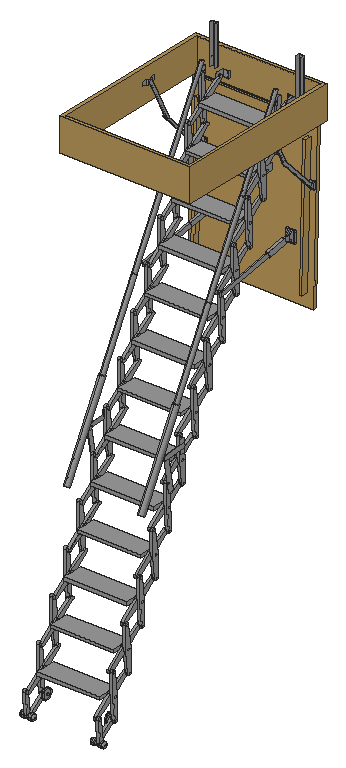
Revit family "schaartrap_XL-H 1000x1300mm", category Generic Models, Revit 2019 (continued)
Forms (mm)
  Extrusion 38, solid, material "gietaluminium" <- "schaartrap"
    sketch origin (63.5, 32.475, 185.117) x (0, 0.990268, 0.139173) y (0, -0.139173, 0.990268)
      loop
        line (2109.99, 2277.81) -> (2080.09, 2248.015) -> (2078.593, 2246.276)
        arc (2078.593, 2246.276) -> (2075.75, 2238.857) -> (2077.094, 2231.027) r 15
        line (2077.094, 2231.027) -> (2095.001, 2192.803) -> (2109.99, 2277.81)
      loop
        circle (2090.678, 2237.39) r 4
    from 238 to 246
  Extrusion 39, solid, material "gietaluminium" <- "schaartrap"
    sketch origin (40.5, 65.815, 199.844) x (0, 0.990268, 0.139173) y (0, -0.139173, 0.990268)
      loop
        line (2074.925, 2267.866) -> (2045.025, 2238.071) -> (2043.528, 2236.332)
        arc (2043.528, 2236.332) -> (2040.685, 2228.913) -> (2042.029, 2221.083) r 15
        line (2042.029, 2221.083) -> (2059.936, 2182.859) -> (2074.925, 2267.866)
      loop
        circle (2055.613, 2227.446) r 4
    from 238 to 246
  Extrusion 40, solid, material "gietaluminium" <- "schaartrap"
    sketch origin (692.5, -43.97, 0) x (0, 1, 0) y (0, 0, -1)
      loop
        circle (63.97, -20) r 20
    from 446 to 466
  Sweep 41, solid, material "gietaluminium" <- "schaartrap"
    path origin (226.5, -43.97, 0) x (0, 1, 0) y (0, 0, -1)
      loop
        circle (63.97, -20) r 20
    profile origin (226.5, 20, 40) x (0, 0, 1) y (-1, 0, 0)
      loop
        line (-7.976, 0) -> (0, 0)
        arc (0, 0) -> (-2.238, 6.396) -> (-7.976, 10) r 10.257
        line (-7.976, 10) -> (-7.976, 0)
  Extrusion 42, solid, material "gietaluminium" <- "schaartrap"
    sketch origin (-159.5, -43.97, 0) x (0, 1, 0) y (0, 0, 1)
      loop
        circle (63.97, 20) r 20
    from 446 to 466
  Sweep 43, solid, material "gietaluminium" <- "schaartrap"
    path origin (306.5, -43.97, 0) x (0, 1, 0) y (0, 0, 1)
      loop
        circle (63.97, 20) r 20
    profile origin (306.5, 20, 40) x (0, 0, -1) y (1, 0, 0)
      loop
        line (7.976, 0) -> (7.976, 10)
        arc (7.976, 10) -> (2.238, 6.396) -> (0, 0) r 10.257
        line (0, 0) -> (7.976, 0)
  Extrusion 44, solid, material "gietaluminium" <- "schaartrap"
    sketch origin (63.5, -1421.409, -482.845) x (0, 1, 0) y (0, 0, 1)
      loop
        circle (1569.254, 768.276) r 21
      loop
        circle (1697.099, 1033.868) r 21
      loop
        circle (1824.944, 1299.459) r 21
      loop
        circle (1952.789, 1565.05) r 21
      loop
        circle (2080.634, 1830.641) r 21
      loop
        circle (2208.479, 2096.232) r 21
      loop
        circle (2336.324, 2361.823) r 21
      loop
        circle (2464.169, 2627.414) r 21
      loop
        circle (2592.013, 2893.005) r 21
      loop
        circle (2719.858, 3158.596) r 21
      loop
        circle (2847.703, 3424.187) r 21
      loop
        circle (2975.548, 3689.778) r 21
      loop
        circle (3103.393, 3955.37) r 21
    from 183 to 180
  Extrusion 45, solid, material "gietaluminium" <- "schaartrap"
    sketch origin (-126.5, -51.438, -30.149) x (0, 1, 0) y (0, 0, 1)
      loop
        arc (185.562, 115.163) -> (248.061, 135.606) -> (206.965, 186.941) r 40
        arc (206.965, 186.941) -> (171.397, 158.467) -> (185.562, 115.163) r 40
      loop
        arc (188.409, 116.796) -> (245.147, 136.334) -> (208.724, 184.023) r 37
        arc (208.724, 184.023) -> (174.311, 157.739) -> (188.409, 116.796) r 37
    from 359 to 370
  Extrusion 46, solid, material "gietaluminium" <- "schaartrap"
    sketch origin (63.5, -51.438, -30.149) x (0, 1, 0) y (0, 0, 1)
      loop
        arc (208.724, 184.023) -> (174.311, 157.739) -> (188.409, 116.796) r 37
        arc (188.409, 116.796) -> (245.147, 136.334) -> (208.724, 184.023) r 37
    from 173 to 176.5
  Extrusion 47, solid, material "gietaluminium" <- "schaartrap"
    sketch origin (581.5, -51.438, -30.149) x (0, 1, 0) y (0, 0, -1)
      loop
        circle (209.729, -147.037) r 5
    from 359 to 335
  Extrusion 48, solid, material "gietaluminium" <- "schaartrap"
    sketch origin (-119.5, -1875.073, -482.845) x (0, 1, 0) y (0, 0, 1)
      loop
        circle (1884.626, 671.311) r 5.018
      loop
        circle (2033.364, 599.733) r 5
      loop
        circle (2022.918, 768.309) r 5.018
      loop
        circle (2161.209, 865.306) r 5.018
      loop
        circle (2012.471, 936.902) r 5.018
      loop
        circle (2150.763, 1033.9) r 5.018
      loop
        circle (2289.054, 1130.897) r 5.018
      loop
        circle (2140.316, 1202.494) r 5.018
      loop
        circle (2278.608, 1299.491) r 5.018
      loop
        circle (2416.899, 1396.488) r 5.018
      loop
        circle (2268.161, 1468.085) r 5.018
      loop
        circle (2406.453, 1565.082) r 5.018
      loop
        circle (2544.744, 1662.079) r 5.018
      loop
        circle (2396.006, 1733.676) r 5.018
      loop
        circle (2534.298, 1830.673) r 5.018
      loop
        circle (2672.589, 1927.67) r 5.018
      loop
        circle (2662.143, 2096.264) r 5.018
      loop
        circle (2523.851, 1999.267) r 5.018
      loop
        circle (2800.434, 2193.261) r 5.018
      loop
        circle (2651.696, 2264.858) r 5.018
      loop
        circle (2789.987, 2361.855) r 5.018
      loop
        circle (2928.279, 2458.852) r 5.018
      loop
        circle (2779.541, 2530.449) r 5.018
      loop
        circle (2917.832, 2627.446) r 5.018
      loop
        circle (3056.124, 2724.444) r 5.018
      loop
        circle (2907.386, 2796.04) r 5.018
      loop
        circle (3045.677, 2893.037) r 5.018
      loop
        circle (3183.969, 2990.035) r 5.018
      loop
        circle (3035.231, 3061.631) r 5.217
      loop
        circle (3173.522, 3158.628) r 5.018
      loop
        circle (3311.814, 3255.626) r 5.018
      loop
        circle (3163.076, 3327.222) r 5.018
      loop
        circle (3301.367, 3424.22) r 5.018
      loop
        circle (3439.659, 3521.217) r 5.018
      loop
        circle (3290.921, 3592.813) r 5.018
      loop
        circle (3429.212, 3689.811) r 5.018
      loop
        circle (3567.504, 3786.808) r 5.018
      loop
        circle (3557.057, 3955.402) r 5.018
      loop
        circle (3418.766, 3858.405) r 5.018
      loop
        circle (3546.61, 4123.996) r 5.018
    from 406 to 411
  Extrusion 49, solid, material "gietaluminium" <- "schaartrap"
    sketch origin (160.5, -1117.547, 1046.952) x (0, -0.968541, 0.248852) y (0, 0.248852, 0.968541)
      loop
        line (-1805.858, 3156.737) -> (-2037.112, 2886.503)
        arc (-2037.112, 2886.503) -> (-2031.552, 2876.404) -> (-2020.047, 2875.683) r 11.968
        line (-2020.047, 2875.683) -> (-1790.663, 3143.733)
        arc (-1790.663, 3143.733) -> (-1791.758, 3157.833) -> (-1805.858, 3156.737) r 10
    from -290 to -286
  Extrusion 50, solid, material "gietaluminium" <- "schaartrap"
    sketch origin (-47.5, 582.189, 120) x (1, 0, 0) y (0, 1, 0)
      loop
        line (-174, 1074.122) -> (-223, 1074.122) -> (-223, 1000.712) -> (-219, 1000.712) -> (-219, 1070.122) -> (-174, 1070.122) -> (-174, 1074.122)
    from 3070.001 to 3120.001
  Extrusion 51, void
    sketch origin (-63.5, 582.189, 120) x (1, 0, 0) y (0, 0, 1)
      loop
        circle (-167.264, 3109) r 5
      loop
        circle (-167.264, 3080.25) r 5
    from -1074.122 to -1070.122
  Extrusion 52, solid, material "gietaluminium" <- "schaartrap"
    sketch origin (-63.5, 566.635, 0) x (0, 1, 0) y (0, 0, 1)
      loop
        circle (1038.295, 3213.3) r 5.05
    from -207 to -212
  Extrusion 53, solid, material "gietaluminium" <- "schaartrap"
    sketch origin (47.5, 582.189, 120) x (-1, 0, 0) y (0, -1, 0)
      loop
        line (-174, -1074.122) -> (-174, -1070.122) -> (-219, -1070.122) -> (-219, -1000.712) -> (-223, -1000.712) -> (-223, -1074.122) -> (-174, -1074.122)
    from 3070.001 to 3120.001
  Extrusion 54, void
    sketch origin (63.5, 582.189, 120) x (-1, 0, 0) y (0, 0, -1)
      loop
        circle (-167.264, -3109) r 5
      loop
        circle (-167.264, -3080.25) r 5
    from -1076.122 to -1062.398
  Extrusion 55, solid, material "gietaluminium" <- "schaartrap"
    sketch origin (63.5, 566.635, 0) x (0, 1, 0) y (0, 0, -1)
      loop
        circle (1038.295, -3213.3) r 5.05
    from -207 to -212
  Sweep 56, solid, material "gietaluminium" <- "schaartrap"
    path origin (280.36, -209.043, 42.928) x (0, 1, 0.000122) y (0, -0.000122, 1)
      loop
        line (615.449, 1357.25) -> (948.391, 1965.031)
    profile origin (280.36, 572.675, 1704.164) x (0, -0.877088, 0.48033) y (1, 0, 0)
      loop
        circle (0, 0) r 20
  Sweep 57, solid, material "gietaluminium" <- "schaartrap"
    path origin (280.36, 10.637, 591.583) x (0, 1, 0.000122) y (0, -0.000122, 1)
      loop
        line (728.645, 1416.403) -> (1033.533, 1972.972)
    profile origin (280.36, 891.52, 2286.378) x (0, -0.877088, 0.48033) y (1, 0, 0)
      loop
        circle (0, 0) r 17.5
  Sweep 58, solid, material "gietaluminium" <- "schaartrap"
    path origin (280.36, 198.399, 1060.523) x (0, 1, 0.000122) y (0, -0.000122, 1)
      loop
        line (845.714, 1504.055) -> (1164.864, 2086.658)
    profile origin (280.36, 1203.47, 2856.002) x (0, -0.877088, 0.48033) y (1, 0, 0)
      loop
        circle (0, 0) r 15
  Sweep 59, solid, material "gietaluminium" <- "schaartrap"
    path origin (280.36, 411.168, 1480.491) x (0, 1, 0.000122) y (0, -0.000122, 1)
      loop
        line (952.045, 1666.716) -> (1271.94, 2250.68)
    profile origin (280.36, 1522.922, 3439.324) x (0, -0.877088, 0.48033) y (1, 0, 0)
      loop
        circle (0, 0) r 12.5
  Extrusion 60, solid, material "gietaluminium" <- "schaartrap"
    sketch origin (63.5, -462.985, 150.089) x (0, 0.976566, -0.215219) y (0, 0.215219, 0.976566)
      loop
        line (715.262, 1747.503) -> (816.017, 1509.84)
        arc (816.017, 1509.84) -> (831.782, 1511.06) -> (843.661, 1521.495) r 25
        line (843.661, 1521.495) -> (742.83, 1759.336)
        arc (742.83, 1759.336) -> (727.074, 1758.014) -> (715.262, 1747.503) r 25
    from 228 to 223
  Extrusion 61, solid, material "gietaluminium" <- "schaartrap"
    sketch origin (63.5, -463.357, 158.576) x (0, 0.976566, -0.21522) y (0, 0.21522, 0.976566)
      loop
        line (887.607, 1800.299) -> (718.694, 1751.946)
        arc (718.694, 1751.946) -> (718.958, 1736.419) -> (726.95, 1723.104) r 30
        line (726.95, 1723.104) -> (895.557, 1771.37)
        arc (895.557, 1771.37) -> (895.458, 1786.899) -> (887.607, 1800.299) r 30
    from 228 to 233
  Extrusion 62, solid, material "gietaluminium" <- "schaartrap"
    sketch origin (63.5, -452.917, 151.286) x (0, 0.976566, -0.21522) y (0, 0.21522, 0.976566)
      loop
        arc (868.684, 1736.869) -> (884.211, 1737.133) -> (897.525, 1745.125) r 30
        line (897.525, 1745.125) -> (870.841, 1838.343)
        arc (870.841, 1838.343) -> (855.314, 1838.079) -> (842, 1830.087) r 30
        line (842, 1830.087) -> (868.684, 1736.869)
    from 223 to 228
  Extrusion 63, solid, material "gietaluminium" <- "schaartrap"
    sketch origin (63.5, 1219.064, 2121.879) x (0, 0.998202, -0.059933) y (0, 0.059933, 0.998202)
      loop
        line (401.833, 1585.776) -> (360.606, 1602.289) -> (349.452, 1574.44) -> (391.253, 1557.697)
        arc (391.253, 1557.697) -> (401.224, 1569.973) -> (401.833, 1585.776) r 25
      loop
        circle (390.713, 1572.948) r 5.05
    from 218 to 223
  Sweep 64, solid, material "gietaluminium" <- "schaartrap"
    path origin (-280.36, 209.043, 42.928) x (0, -1, 0.000122) y (0, 0.000122, 1)
      loop
        line (-197.032, 1357.349) -> (-529.827, 1965.211)
    profile origin (-280.36, 572.675, 1704.164) x (0, 0.877088, -0.48033) y (-1, 0, 0)
      loop
        circle (0, 0) r 20
  Sweep 65, solid, material "gietaluminium" <- "schaartrap"
    path origin (-280.36, -10.637, 591.583) x (0, -1, 0.000122) y (0, 0.000122, 1)
      loop
        line (-749.574, 1416.584) -> (-1054.327, 1973.227)
    profile origin (-280.36, 891.52, 2286.378) x (0, 0.877088, -0.48033) y (-1, 0, 0)
      loop
        circle (0, 0) r 17.5
  Sweep 66, solid, material "gietaluminium" <- "schaartrap"
    path origin (-280.36, -198.399, 1060.523) x (0, -1, 0.000122) y (0, 0.000122, 1)
      loop
        line (-1242.146, 1504.309) -> (-1561.155, 2086.99)
    profile origin (-280.36, 1203.47, 2856.002) x (0, 0.877088, -0.48033) y (-1, 0, 0)
      loop
        circle (0, 0) r 15
  Sweep 67, solid, material "gietaluminium" <- "schaartrap"
    path origin (-280.36, -411.168, 1480.491) x (0, -1, 0.000122) y (0, 0.000122, 1)
      loop
        line (-1773.974, 1667.048) -> (-2093.727, 2251.09)
    profile origin (-280.36, 1522.922, 3439.324) x (0, 0.877088, -0.48033) y (-1, 0, 0)
      loop
        circle (0, 0) r 12.5
  Extrusion 68, solid, material "gietaluminium" <- "schaartrap"
    sketch origin (-63.5, 462.985, 150.089) x (0, -0.976566, -0.215219) y (0, -0.215219, 0.976566)
      loop
        arc (-479.296, 1484.242) -> (-494.432, 1488.814) -> (-509.284, 1483.39) r 25
        line (-509.284, 1483.39) -> (-500.797, 1225.198)
        arc (-500.797, 1225.198) -> (-485.632, 1220.723) -> (-470.815, 1226.242) r 25
        line (-470.815, 1226.242) -> (-479.296, 1484.242)
    from 228 to 223
  Extrusion 69, solid, material "gietaluminium" <- "schaartrap"
    sketch origin (-63.5, 463.357, 158.576) x (0, -0.976566, -0.21522) y (0, -0.21522, 0.976566)
      loop
        arc (-657.144, 1459.859) -> (-658.635, 1444.401) -> (-652.197, 1430.268) r 30
        line (-652.197, 1430.268) -> (-478.921, 1457.349)
        arc (-478.921, 1457.349) -> (-477.266, 1472.79) -> (-483.553, 1486.989) r 30
        line (-483.553, 1486.989) -> (-657.144, 1459.859)
    from 228 to 233
  Extrusion 70, solid, material "gietaluminium" <- "schaartrap"
    sketch origin (-63.5, 452.917, 151.286) x (0, -0.976566, -0.21522) y (0, -0.21522, 0.976566)
      loop
        line (-633.703, 1405.766) -> (-648.675, 1501.565)
        arc (-648.675, 1501.565) -> (-664.116, 1503.219) -> (-678.315, 1496.932) r 30
        line (-678.315, 1496.932) -> (-663.343, 1401.134)
        arc (-663.343, 1401.134) -> (-647.902, 1399.479) -> (-633.703, 1405.766) r 30
    from 223 to 228
  Extrusion 71, solid, material "gietaluminium" <- "schaartrap"
    sketch origin (-63.5, -1219.064, 2121.879) x (0, -0.998202, -0.059933) y (0, -0.059933, 0.998202)
      loop
        arc (-3022.432, 1380.179) -> (-3019.936, 1364.562) -> (-3008.568, 1353.567) r 25
        line (-3008.568, 1353.567) -> (-2969.071, 1375.191) -> (-2983.477, 1401.506) -> (-3022.432, 1380.179)
      loop
        circle (-3009.857, 1368.773) r 5.05
    from 218 to 223
  Extrusion 72, solid, material "gietaluminium" <- "schaartrap"
    sketch origin (58.5, 250.724, 4414.642) x (0, -0.229041, -0.973417) y (0, 0.973417, -0.229041)
      loop
        line (595.515, 1624.36) -> (384.632, 1598.748)
        arc (384.632, 1598.748) -> (382.451, 1583.373) -> (388.249, 1568.967) r 30
        line (388.249, 1568.967) -> (601.725, 1594.894)
        arc (601.725, 1594.894) -> (602.585, 1610.462) -> (595.515, 1624.36) r 30
      loop
        circle (393.476, 1585.295) r 5.05
    from 228 to 233
  Extrusion 73, solid, material "gietaluminium" <- "schaartrap", not visible
    sketch origin (-5, 9.183, 4914.345) x (0, -0.17029, -0.985394) y (0, 0.985394, -0.17029)
      loop
        line (595.515, 1624.36) -> (384.632, 1598.748)
        arc (384.632, 1598.748) -> (382.451, 1583.373) -> (388.249, 1568.967) r 30
        line (388.249, 1568.967) -> (601.725, 1594.894)
        arc (601.725, 1594.894) -> (602.585, 1610.462) -> (595.515, 1624.36) r 30
      loop
        circle (393.476, 1585.295) r 5.05
    from 228 to 233
  Extrusion 74, solid, material "gietaluminium" <- "schaartrap"
    sketch origin (-58.5, -250.724, 4414.642) x (0, 0.229041, -0.973417) y (0, -0.973417, -0.229041)
      loop
        arc (1372.197, -1676.506) -> (1372.328, -1660.914) -> (1364.616, -1647.363) r 30
        line (1364.616, -1647.363) -> (1161.977, -1719.346)
        arc (1161.977, -1719.346) -> (1163.211, -1734.826) -> (1172.02, -1747.615) r 30
        line (1172.02, -1747.615) -> (1372.197, -1676.506)
      loop
        circle (1173.937, -1731.631) r 5.05
    from 228 to 233
  Extrusion 75, solid, material "gietaluminium" <- "schaartrap"
    sketch origin (-692.5, -43.97, 0) x (0, 1, 0) y (0, 0, 1)
      loop
        circle (63.97, 20) r 20
    from 446 to 466
  Sweep 76, solid, material "gietaluminium" <- "schaartrap"
    path origin (-226.5, -43.97, 0) x (0, 1, 0) y (0, 0, 1)
      loop
        circle (63.97, 20) r 20
    profile origin (-226.5, 20, 40) x (0, 0, -1) y (1, 0, 0)
      loop
        line (7.976, 0) -> (7.976, 10)
        arc (7.976, 10) -> (2.238, 6.396) -> (0, 0) r 10.257
        line (0, 0) -> (7.976, 0)
  Extrusion 77, solid, material "gietaluminium" <- "schaartrap"
    sketch origin (159.5, -43.97, 0) x (0, 1, 0) y (0, 0, -1)
      loop
        circle (63.97, -20) r 20
    from 446 to 466
  Sweep 78, solid, material "gietaluminium" <- "schaartrap"
    path origin (-306.5, -43.97, 0) x (0, 1, 0) y (0, 0, -1)
      loop
        circle (63.97, -20) r 20
    profile origin (-306.5, 20, 40) x (0, 0, 1) y (-1, 0, 0)
      loop
        line (-7.976, 0) -> (0, 0)
        arc (0, 0) -> (-2.238, 6.396) -> (-7.976, 10) r 10.257
        line (-7.976, 10) -> (-7.976, 0)
  Extrusion 79, solid, material "gietaluminium" <- "schaartrap"
    sketch origin (-63.5, 1421.409, -482.845) x (0, -1, 0) y (0, 0, 1)
      loop
        circle (1273.564, 768.309) r 5.018
      loop
        circle (1145.719, 1033.9) r 5.018
      loop
        circle (1017.874, 1299.491) r 5.018
      loop
        circle (890.029, 1565.082) r 5.018
      loop
        circle (762.184, 1830.673) r 5.018
      loop
        circle (634.339, 2096.264) r 5.018
      loop
        circle (506.495, 2361.855) r 5.018
      loop
        circle (378.65, 2627.446) r 5.018
      loop
        circle (250.805, 2893.037) r 5.018
      loop
        circle (122.96, 3158.628) r 5.018
      loop
        circle (-4.885, 3424.22) r 5.018
      loop
        circle (-132.73, 3689.811) r 5.018
      loop
        circle (-260.575, 3955.402) r 5.018
    from 180 to 176.5
  Extrusion 80, solid, material "gietaluminium" <- "schaartrap", not visible
    sketch origin (183, 0, 0) x (0, 1, 0) y (0, 0, 1)
      loop
        circle (1273.564, 768.309) r 5.018
      loop
        circle (1145.719, 1033.9) r 5.018
      loop
        circle (1017.874, 1299.491) r 5.018
      loop
        circle (890.029, 1565.082) r 5.018
      loop
        circle (762.184, 1830.673) r 5.018
      loop
        circle (634.339, 2096.264) r 5.018
      loop
        circle (506.495, 2361.855) r 5.018
      loop
        circle (378.65, 2627.446) r 5.018
      loop
        circle (250.805, 2893.037) r 5.018
      loop
        circle (122.96, 3158.628) r 5.018
      loop
        circle (-4.885, 3424.22) r 5.018
      loop
        circle (-132.73, 3689.811) r 5.018
      loop
        circle (-260.575, 3955.402) r 5.018
    from 180 to 176.5
  Extrusion 81, solid, material "gietaluminium" <- "schaartrap"
    sketch origin (63.5, -1421.409, -482.845) x (0, 1, 0) y (0, 0, 1)
      loop
        circle (1569.254, 768.309) r 5.018
      loop
        circle (1697.099, 1033.9) r 5.018
      loop
        circle (1824.944, 1299.491) r 5.018
      loop
        circle (1952.789, 1565.082) r 5.018
      loop
        circle (2080.634, 1830.673) r 5.018
      loop
        circle (2208.479, 2096.264) r 5.018
      loop
        circle (2336.324, 2361.855) r 5.018
      loop
        circle (2464.169, 2627.446) r 5.018
      loop
        circle (2592.013, 2893.037) r 5.018
      loop
        circle (2719.858, 3158.628) r 5.018
      loop
        circle (2847.703, 3424.22) r 5.018
      loop
        circle (2975.548, 3689.811) r 5.018
      loop
        circle (3103.393, 3955.402) r 5.018
    from 180 to 176.5
  Sweep 82, solid, material "hout" <- "deksel"
    path origin (0, 215.481, 3750.004) x (0, 1, 0) y (-1, 0, 0)
      loop
        line (1680.311, 493.5) -> (390.311, 493.5) -> (390.311, -493.5) -> (1680.311, -493.5) -> (1680.311, 493.5)
    profile origin (0, 1895.792, 3750.004) x (0, 1, 0) y (0, 0, 1)
      loop
        line (0, 0) -> (-24, 0) -> (-24, -250.003) -> (0, -250.003) -> (0, 0)
  Extrusion 83, void
    sketch origin (0, 807.711, 466.385) x (0, 1, 0) y (0, 0, 1)
      loop
        circle (1012.7, 3103.203) r 5.05
    from -270.5 to 270.5
  Extrusion 84, void
    sketch origin (0, 797.67, 326.288) x (0, 1, 0) y (0, 0, 1)
      loop
        line (1022.741, 3270.001) -> (994.712, 3270.001) -> (994.712, 3220.001) -> (1022.741, 3220.001)
        arc (1022.741, 3220.001) -> (997.741, 3245.001) -> (1022.741, 3270.001) r 25
    from -270.5 to 270.5
  Extrusion 85, void
    sketch origin (-598.5, 807.079, 438.417) x (0, 1, 0) y (0, 0, -1)
      loop
        circle (1047.17, -3434.035) r 5.25
      loop
        circle (1047.17, -3414.035) r 5.25
      loop
        circle (1047.17, -3394.035) r 5.25
      loop
        circle (1047.17, -3374.035) r 5.25
      loop
        circle (1047.17, -3354.035) r 5.25
      loop
        circle (1047.17, -3334.035) r 5.25
      loop
        circle (1047.17, -3314.035) r 5.25
      loop
        circle (1047.17, -3294.035) r 5.25
      loop
        circle (1047.17, -3274.035) r 5.25
      loop
        circle (1047.17, -3254.035) r 5.25
      loop
        circle (1047.17, -3234.035) r 5.25
      loop
        circle (1047.17, -3214.035) r 5.25
      loop
        circle (1047.17, -3194.035) r 5.25
      loop
        circle (1047.17, -3174.035) r 5.25
      loop
        line (1040.712, -3159.035) -> (1040.712, -3153.033) -> (1026.715, -3153.033) -> (1026.715, -3168.033) -> (1031.715, -3168.033)
        arc (1031.715, -3168.033) -> (1034.35, -3161.67) -> (1040.712, -3159.035) r 8.998
    from -292.5 to -252.5
  Extrusion 86, solid, material "gietaluminium" <- "schaartrap"
    sketch origin (4223.985, -1608.537, 547.451) x (-1, 0, 0) y (0, -1, 0)
      loop
        arc (4529.985, -3475.327) -> (4530.864, -3477.45) -> (4532.986, -3478.329) r 3.001
        line (4532.986, -3478.329) -> (4566.985, -3478.329)
        arc (4566.985, -3478.329) -> (4569.106, -3477.45) -> (4569.985, -3475.329) r 3
        line (4569.985, -3475.329) -> (4569.985, -3448.329) -> (4567.985, -3448.329) -> (4567.985, -3475.329)
        arc (4567.985, -3475.329) -> (4567.692, -3476.036) -> (4566.985, -3476.329) r 1
        line (4566.985, -3476.329) -> (4532.986, -3476.329)
        arc (4532.986, -3476.329) -> (4532.278, -3476.035) -> (4531.985, -3475.327) r 1.001
        line (4531.985, -3475.327) -> (4531.985, -3448.329) -> (4529.985, -3448.329) -> (4529.985, -3475.327)
    from 3050.001 to 3350.001
  Extrusion 87, void
    sketch origin (598.5, 807.079, 438.417) x (0, 1, 0) y (0, 0, 1)
      loop
        circle (1047.17, 3434.035) r 5.25
      loop
        circle (1047.17, 3414.035) r 5.25
      loop
        circle (1047.17, 3394.035) r 5.25
      loop
        circle (1047.17, 3374.035) r 5.25
      loop
        circle (1047.17, 3354.035) r 5.25
      loop
        circle (1047.17, 3334.035) r 5.25
      loop
        circle (1047.17, 3314.035) r 5.25
      loop
        circle (1047.17, 3294.035) r 5.25
      loop
        circle (1047.17, 3274.035) r 5.25
      loop
        circle (1047.17, 3254.035) r 5.25
      loop
        circle (1047.17, 3234.035) r 5.25
      loop
        circle (1047.17, 3214.035) r 5.25
      loop
        circle (1047.17, 3194.035) r 5.25
      loop
        circle (1047.17, 3174.035) r 5.25
      loop
        arc (1040.712, 3159.035) -> (1034.35, 3161.67) -> (1031.715, 3168.033) r 8.998
        line (1031.715, 3168.033) -> (1026.715, 3168.033) -> (1026.715, 3153.033) -> (1040.712, 3153.033) -> (1040.712, 3159.035)
    from -292.5 to -252.5
  Extrusion 88, solid, material "gietaluminium" <- "schaartrap"
    sketch origin (-4223.985, -1608.537, 547.451) x (1, 0, 0) y (0, 1, 0)
      loop
        line (4529.985, 3475.327) -> (4529.985, 3448.329) -> (4531.985, 3448.329) -> (4531.985, 3475.327)
        arc (4531.985, 3475.327) -> (4532.278, 3476.035) -> (4532.986, 3476.329) r 1.001
        line (4532.986, 3476.329) -> (4566.985, 3476.329)
        arc (4566.985, 3476.329) -> (4567.692, 3476.036) -> (4567.985, 3475.329) r 1
        line (4567.985, 3475.329) -> (4567.985, 3448.329) -> (4569.985, 3448.329) -> (4569.985, 3475.329)
        arc (4569.985, 3475.329) -> (4569.106, 3477.45) -> (4566.985, 3478.329) r 3
        line (4566.985, 3478.329) -> (4532.986, 3478.329)
        arc (4532.986, 3478.329) -> (4530.864, 3477.45) -> (4529.985, 3475.327) r 3.001
    from 3050.001 to 3350.001
  Extrusion 89, solid, material "gietaluminium" <- "schaartrap"
    sketch origin (-47.5, 797.67, 476.288) x (1, 0, 0) y (0, 1, 0)
      loop
        line (-174, 1074.122) -> (-223, 1074.122) -> (-223, 1000.712) -> (-219, 1000.712) -> (-219, 1070.122) -> (-174, 1070.122) -> (-174, 1074.122)
    from 3070.001 to 3120.001
  Extrusion 90, void
    sketch origin (-63.5, 797.67, 476.288) x (1, 0, 0) y (0, 0, 1)
      loop
        circle (-167.264, 3109) r 5
      loop
        circle (-167.264, 3080.25) r 5
    from -1074.122 to -1070.122
  Extrusion 91, solid, material "gietaluminium" <- "schaartrap"
    sketch origin (-63.5, 782.116, 356.288) x (0, 1, 0) y (0, 0, 1)
      loop
        circle (1038.295, 3213.3) r 5.05
    from -207 to -212
  Extrusion 92, solid, material "gietaluminium" <- "schaartrap"
    sketch origin (47.5, 797.67, 476.288) x (-1, 0, 0) y (0, -1, 0)
      loop
        line (-174, -1074.122) -> (-174, -1070.122) -> (-219, -1070.122) -> (-219, -1000.712) -> (-223, -1000.712) -> (-223, -1074.122) -> (-174, -1074.122)
    from 3070.001 to 3120.001
  Extrusion 93, void
    sketch origin (63.5, 797.67, 476.288) x (-1, 0, 0) y (0, 0, -1)
      loop
        circle (-167.264, -3109) r 5
      loop
        circle (-167.264, -3080.25) r 5
    from -1076.122 to -1062.398
  Extrusion 94, solid, material "gietaluminium" <- "schaartrap"
    sketch origin (63.5, 782.116, 356.288) x (0, 1, 0) y (0, 0, -1)
      loop
        circle (1038.295, -3213.3) r 5.05
    from -207 to -212
  Extrusion 95, solid, material "hout" <- "deksel"
    sketch origin (0, 1212.638, 358.627) x (0, 0.990268, 0.139173) y (0, -0.139173, 0.990268)
      loop
        line (1077.952, 3020.862) -> (1058.256, 3024.335) -> (841.89, 1797.265) -> (861.586, 1793.792) -> (1077.952, 3020.862)
    from -475 to 475
  Extrusion 96, solid, material "hout" <- "deksel"
    sketch origin (0, 651.784, 279.184) x (0, -0.990268, -0.139173) y (0, -0.139173, 0.990268)
      loop
        line (-1561.022, 2921.261) -> (-1605.056, 2913.497) -> (-1423.871, 1885.947) -> (-1379.837, 1893.712) -> (-1561.022, 2921.261)
    from -421 to -401
  Extrusion 97, solid, material "gietaluminium" <- "schaartrap"
    sketch origin (160.5, 64.266, 263.977) x (0, -0.990268, -0.139173) y (0, -0.139173, 0.990268)
      loop
        line (-2101.095, 2553.899) -> (-2137.2, 2573.203) -> (-2126.781, 2514.114) -> (-2099.456, 2544.603)
        arc (-2099.456, 2544.603) -> (-2098.015, 2549.65) -> (-2101.095, 2553.899) r 6
      loop
        circle (-2111.802, 2547.218) r 4
    from -298 to -294
  Extrusion 98, solid, material "gietaluminium" <- "schaartrap"
    sketch origin (160.5, 1020.587, -129.232) x (0, -0.898187, -0.439614) y (0, -0.439614, 0.898187)
      loop
        line (-2102.513, 2536.346) -> (-1990.287, 2906.463) -> (-2009.305, 2912.227) -> (-2122.051, 2540.208)
        arc (-2122.051, 2540.208) -> (-2113.744, 2530.88) -> (-2102.513, 2536.346) r 10.346
    from -294 to -290
  Extrusion 99, solid, material "hout" <- "deksel", not visible
    sketch origin (119.5, 2073.193, 762.029) x (0, -0.990268, -0.139173) y (0, -0.139173, 0.990268)
      loop
        line (1986.223, 3419.794) -> (2095.288, 2382.109) -> (2139.757, 2386.783) -> (2030.692, 3424.468) -> (1986.223, 3419.794)
    from -421 to -401
  Extrusion 100, solid, material "gietaluminium" <- "schaartrap", not visible
    sketch origin (280, 1485.675, 746.821) x (0, -0.990268, -0.139173) y (0, -0.139173, 0.990268)
      loop
        arc (1443.034, 3051.994) -> (1441.245, 3047.06) -> (1444.02, 3042.606) r 6
        line (1444.02, 3042.606) -> (1478.691, 3020.831) -> (1472.42, 3080.502) -> (1443.034, 3051.994)
      loop
        circle (1455.168, 3048.523) r 4
    from -298 to -294
  Extrusion 101, solid, material "gietaluminium" <- "schaartrap", not visible
    sketch origin (280, 2441.996, 353.613) x (0, -0.898187, -0.439614) y (0, -0.439614, 0.898187)
      loop
        arc (1120.224, 4113.701) -> (1131.431, 4119.217) -> (1129.16, 4131.5) r 10.346
        line (1129.16, 4131.5) -> (766.206, 4270.689) -> (759.09, 4252.134) -> (1120.224, 4113.701)
    from -294 to -290
  Extrusion 102, solid, material "hout" <- "deksel"
    sketch origin (0, -651.784, 279.184) x (0, 0.990268, -0.139173) y (0, 0.139173, 0.990268)
      loop
        line (1986.223, 3419.794) -> (2095.288, 2382.109) -> (2139.757, 2386.783) -> (2030.692, 3424.468) -> (1986.223, 3419.794)
    from -421 to -401
  Extrusion 103, solid, material "gietaluminium" <- "schaartrap"
    sketch origin (-160.5, -64.266, 263.977) x (0, 0.990268, -0.139173) y (0, 0.139173, 0.990268)
      loop
        arc (1443.034, 3051.994) -> (1441.245, 3047.06) -> (1444.02, 3042.606) r 6
        line (1444.02, 3042.606) -> (1478.691, 3020.831) -> (1472.42, 3080.502) -> (1443.034, 3051.994)
      loop
        circle (1455.168, 3048.523) r 4
    from -298 to -294
  Extrusion 104, solid, material "gietaluminium" <- "schaartrap"
    sketch origin (-160.5, -1020.587, -129.232) x (0, 0.898187, -0.439614) y (0, 0.439614, 0.898187)
      loop
        arc (1120.224, 4113.701) -> (1131.431, 4119.217) -> (1129.16, 4131.5) r 10.346
        line (1129.16, 4131.5) -> (766.206, 4270.689) -> (759.09, 4252.134) -> (1120.224, 4113.701)
    from -294 to -290
  Extrusion 105, solid, material "gietaluminium" <- "schaartrap"
    sketch origin (94, 1822.014, 2994.672) x (0, 0.0349, 0.999391) y (-1, 0, 0)
      loop
        line (-259.153, 362.5) -> (-259.153, 413.5)
        arc (-259.153, 413.5) -> (-262.082, 420.571) -> (-269.153, 423.5) r 10
        line (-269.153, 423.5) -> (-342.991, 423.5)
        arc (-342.991, 423.5) -> (-350.062, 420.571) -> (-352.991, 413.5) r 10
        line (-352.991, 413.5) -> (-352.991, 362.5)
        arc (-352.991, 362.5) -> (-350.062, 355.429) -> (-342.991, 352.5) r 10
        line (-342.991, 352.5) -> (-269.153, 352.5)
        arc (-269.153, 352.5) -> (-262.082, 355.429) -> (-259.153, 362.5) r 10
    from 0 to 8
  Extrusion 106, solid, material "gietaluminium" <- "schaartrap"
    sketch origin (-94, 1822.014, 2994.672) x (0, 0.0349, 0.999391) y (-1, 0, 0)
      loop
        arc (-259.153, -362.5) -> (-262.082, -355.429) -> (-269.153, -352.5) r 10
        line (-269.153, -352.5) -> (-342.991, -352.5)
        arc (-342.991, -352.5) -> (-350.062, -355.429) -> (-352.991, -362.5) r 10
        line (-352.991, -362.5) -> (-352.991, -413.5)
        arc (-352.991, -413.5) -> (-350.062, -420.571) -> (-342.991, -423.5) r 10
        line (-342.991, -423.5) -> (-269.153, -423.5)
        arc (-269.153, -423.5) -> (-262.082, -420.571) -> (-259.153, -413.5) r 10
        line (-259.153, -413.5) -> (-259.153, -362.5)
    from 0 to 8
  Extrusion 107, solid, material "gietaluminium" <- "schaartrap"
    sketch origin (-156.5, 1805.119, 3046.384) x (0, 0.034899, 0.999391) y (-1, 0, 0)
      loop
        line (63.761, 264.5) -> (63.761, 298) -> (3.764, 298) -> (3.764, 264.5) -> (63.761, 264.5)
    from -18.69 to -15.19
  Extrusion 108, solid, material "gietaluminium" <- "schaartrap"
    sketch origin (156.5, 1805.119, 3046.384) x (0, 0.034899, 0.999391) y (-1, 0, 0)
      loop
        line (63.761, -264.5) -> (3.764, -264.5) -> (3.764, -302) -> (63.761, -302) -> (63.761, -264.5)
    from -18.69 to -15.19
  Extrusion 109, void
    sketch origin (0, 810.461, 499.023) x (0, 1, 0) y (0, 0, 1)
      loop
        circle (557.712, 3150.001) r 3.25
      loop
        circle (639.712, 3150.001) r 3.25
    from -536.982 to 549.948
  Extrusion 110, solid, material "gietaluminium" <- "schaartrap"
    sketch origin (-151, 818.689, 499.066) x (1, 0, 0) y (0, 1, 0)
      loop
        line (-318.5, 639.746) -> (-318.5, 616.083) -> (-302.5, 604.88) -> (-302.5, 576.111) -> (-318.5, 564.908) -> (-318.5, 541.246) -> (-315.5, 541.246) -> (-315.5, 563.346) -> (-299.5, 574.55) -> (-299.5, 606.442) -> (-315.5, 617.645) -> (-315.5, 639.746) -> (-318.5, 639.746)
    from 3135.001 to 3165.001
  Extrusion 111, solid, material "gietaluminium" <- "schaartrap"
    sketch origin (151, -372.746, 499.066) x (-1, 0, 0) y (0, -1, 0)
      loop
        line (-318.5, -1831.181) -> (-315.5, -1831.181) -> (-315.5, -1809.08) -> (-299.5, -1797.877) -> (-299.5, -1765.984) -> (-315.5, -1754.781) -> (-315.5, -1732.681) -> (-318.5, -1732.681) -> (-318.5, -1756.343) -> (-302.5, -1767.546) -> (-302.5, -1796.315) -> (-318.5, -1807.518) -> (-318.5, -1831.181)
    from 3135.001 to 3165.001
  Extrusion 112, solid, material "gietaluminium" <- "schaartrap"
    sketch origin (-160.5, -1117.547, 1046.952) x (0, -0.968541, 0.248852) y (0, -0.248852, -0.968541)
      loop
        arc (-1805.858, -3156.737) -> (-1791.758, -3157.833) -> (-1790.663, -3143.733) r 10
        line (-1790.663, -3143.733) -> (-2020.047, -2875.683)
        arc (-2020.047, -2875.683) -> (-2031.552, -2876.404) -> (-2037.112, -2886.503) r 11.968
        line (-2037.112, -2886.503) -> (-1805.858, -3156.737)
    from -290 to -286
  Extrusion 113, void
    sketch origin (0, 810.461, 499.023) x (0, 1, 0) y (0, 0, 1)
      loop
        circle (598.462, 3150.001) r 3.25
      loop
        circle (751.698, 2837.836) r 3.975
    from -469.5 to 469.5
  Extrusion 114, solid, material "gietaluminium" <- "schaartrap"
    sketch origin (-63.5, 135.299, 164.81) x (0, -1, 0.000122) y (0, 0.000122, 1)
      loop
        arc (-506.483, 1544.832) -> (-503.987, 1529.214) -> (-492.619, 1518.22) r 25
        line (-492.619, 1518.22) -> (-458.478, 1536.912) -> (-472.885, 1563.226) -> (-506.483, 1544.832)
    from 218 to 223
  Extrusion 115, solid, material "gietaluminium" <- "schaartrap", not visible
    sketch origin (0, -121.439, 649.017) x (0, 0.998195, 0.060055) y (0, -0.060055, 0.998195)
      loop
        line (777.457, 1544.675) -> (743.864, 1563.078) -> (729.451, 1536.767) -> (763.587, 1518.067)
        arc (763.587, 1518.067) -> (774.958, 1529.059) -> (777.457, 1544.675) r 25
    from 218 to 223
  Extrusion 116, solid, material "gietaluminium" <- "schaartrap"
    sketch origin (63.5, -135.299, 164.81) x (0, 1, 0.000122) y (0, -0.000122, 1)
      loop
        line (777.457, 1544.675) -> (743.864, 1563.078) -> (729.451, 1536.767) -> (763.587, 1518.067)
        arc (763.587, 1518.067) -> (774.958, 1529.059) -> (777.457, 1544.675) r 25
    from 218 to 223
  Extrusion 117, void
    sketch origin (0, 0, 0) x (0, 1, 0) y (0, 0, 1)
      loop
        circle (778.774, 1747.303) r 3.975
      loop
        circle (783.383, 1672.923) r 3.975
      loop
        circle (627.36, 1700.588) r 3.975
      loop
        line (676.731, 1457.103) -> (673.094, 1476.64)
        arc (673.094, 1476.64) -> (668.459, 1479.82) -> (665.279, 1475.186) r 3.975
        line (665.279, 1475.186) -> (668.916, 1455.649)
        arc (668.916, 1455.649) -> (673.551, 1452.469) -> (676.731, 1457.103) r 3.975
    from -419.037 to 453.972
  Extrusion 118, void, not visible
    sketch origin (-63.5, 23.494, 492.612) x (0, 0.998202, 0.059933) y (0, -0.059933, 0.998202)
      loop
        circle (778.774, 1747.303) r 3.975
      loop
        circle (783.383, 1672.923) r 3.975
      loop
        circle (627.36, 1700.588) r 3.975
      loop
        line (676.731, 1457.103) -> (673.094, 1476.64)
        arc (673.094, 1476.64) -> (668.459, 1479.82) -> (665.279, 1475.186) r 3.975
        line (665.279, 1475.186) -> (668.916, 1455.649)
        arc (668.916, 1455.649) -> (673.551, 1452.469) -> (676.731, 1457.103) r 3.975
    from -419.037 to 453.972
  Extrusion 119, void
    sketch origin (0, 0, 0) x (0, -1, 0) y (0, 0, 1)
      loop
        circle (-778.774, 1747.303) r 3.975
      loop
        circle (-783.383, 1672.923) r 3.975
      loop
        circle (-627.36, 1700.588) r 3.975
      loop
        arc (-676.731, 1457.103) -> (-673.551, 1452.469) -> (-668.916, 1455.649) r 3.975
        line (-668.916, 1455.649) -> (-665.279, 1475.186)
        arc (-665.279, 1475.186) -> (-668.459, 1479.82) -> (-673.094, 1476.64) r 3.975
        line (-673.094, 1476.64) -> (-676.731, 1457.103)
    from -419.037 to 453.972
Cuts and joins
  joined: Extrusion 17, Extrusion 18
  Extrusion 23, Extrusion 51, Extrusion 83, Extrusion 84, Extrusion 90 cuts Extrusion 50
  Extrusion 24, Extrusion 54, Extrusion 83, Extrusion 84, Extrusion 93 cuts Extrusion 53
  Extrusion 23, Extrusion 83 cuts Extrusion 34
  Extrusion 23, Extrusion 83 cuts Extrusion 4
  joined: Sweep 59, Extrusion 63
  Extrusion 83 cuts Extrusion 52
  Extrusion 83 cuts Extrusion 55
  Extrusion 83, Extrusion 84, Extrusion 90 cuts Extrusion 89
  Extrusion 83 cuts Extrusion 91
  Extrusion 83, Extrusion 84, Extrusion 93 cuts Extrusion 92
  Extrusion 83 cuts Extrusion 94
  Extrusion 87 cuts Extrusion 88
  Extrusion 85 cuts Extrusion 86
  Extrusion 109, Extrusion 113 cuts Sweep 82
  Extrusion 109, Extrusion 113 cuts Extrusion 110
  Extrusion 109, Extrusion 113 cuts Extrusion 111
  Extrusion 113 cuts Extrusion 112
  Extrusion 113 cuts Extrusion 49
  Extrusion 113 cuts Extrusion 98
  Extrusion 113 cuts Extrusion 104
  Extrusion 117, Extrusion 119 cuts Extrusion 60
  Extrusion 117, Extrusion 119 cuts Extrusion 62
  Extrusion 117, Extrusion 119 cuts Extrusion 61
  Extrusion 117, Extrusion 119 cuts Extrusion 116
  Extrusion 119 cuts Extrusion 5
  Extrusion 119 cuts Extrusion 35
  Extrusion 119 cuts Extrusion 68
  Extrusion 119 cuts Extrusion 69
  Extrusion 119 cuts Extrusion 70
  Extrusion 119 cuts Extrusion 114
Lines and regions (mm)
  model lines, style "schaartrap stippel"
    curve 1: line (493.5, 1895.792, 0) -> (-493.5, 1895.792, 0)
    curve 2: line (493.5, 605.792, 0) -> (493.5, 1895.792, 0)
    curve 3: line (-493.5, 605.792, 0) -> (493.5, 605.792, 0)
    curve 4: line (-493.5, 1895.792, 0) -> (-493.5, 605.792, 0)
  model lines, style "schaartrap stippel", visible <- "bovenliggende treden"
    curve 5: line (-240, 619.47, 0) -> (-240, 1895.792, 0)
    curve 6: line (240, 619.47, 0) -> (240, 1895.792, 0)
    curve 7: line (0, 1895.792, 0) -> (0, 490.622, 0)
    curve 8: line (0, 1895.792, 0) -> (25.981, 1850.792, 0)
    curve 9: line (25.981, 1850.792, 0) -> (0, 1850.792, 0)
    curve 10: line (0, 1895.792, 0) -> (-25.981, 1850.792, 0)
    curve 11: line (-25.981, 1850.792, 0) -> (0, 1850.792, 0)
    curve 12: line (-240, 453.385, 0) -> (240, 453.385, 0)
    curve 18: line (-240, 581.23, 0) -> (240, 581.23, 0)
    curve 19: line (-240, 709.075, 0) -> (240, 709.075, 0)
    curve 20: line (-240, 836.92, 0) -> (240, 836.92, 0)
    curve 21: line (-240, 964.765, 0) -> (240, 964.765, 0)
    curve 22: line (-240, 1092.61, 0) -> (240, 1092.61, 0)
    curve 23: line (-240, 1220.455, 0) -> (240, 1220.455, 0)
    curve 24: line (-240, 1348.3, 0) -> (240, 1348.3, 0)
    curve 25: line (-240, 1476.145, 0) -> (240, 1476.145, 0)
    curve 26: line (-240, 1603.99, 0) -> (240, 1603.99, 0)
    curve 27: line (-240, 1859.68, 0) -> (240, 1859.68, 0)
  model lines
    curve 13: line (0, 71.912, 312.88) -> (0, 1841.239, 4061.546)
    curve 14: line (0, 1891.593, 4168.232) -> (34.056, 1841.239, 4061.546)
    curve 15: line (34.056, 1841.239, 4061.546) -> (0, 1841.239, 4061.546)
    curve 16: line (-34.056, 1841.239, 4061.546) -> (0, 1841.239, 4061.546)
    curve 17: line (0, 1891.593, 4168.232) -> (-34.056, 1841.239, 4061.546)
Dimensions and locks
  equal spacing: plane 4, plane 3 "Center (Left/Right)", plane 5
  plane 4 to plane 5 = 493 mm
  plane 5 to plane 8 to plane 9 = 20 mm locked, 20 mm locked
  plane 7 to plane 6 to plane 4 = 20 mm locked, 20 mm locked
  equal spacing: plane 11, plane 3 "Center (Left/Right)", plane 10
  locked: plane 11 to plane 10 at 685
  locked: plane 10 to plane 12 at 25
  locked: plane 11 to plane 13 at 25
  plane 4 to plane 14 = 59.5 mm
  plane 11 to plane 10 = 685 mm
  Extrusion 4 to Extrusion 34 = 493 mm
  equal spacing: plane 17, plane 3 "Center (Left/Right)", plane 16
  plane 18 to plane 3 "Center (Left/Right)" to plane 19 = 475 mm, 475 mm
  plane 24 "bk. omtimmering" to plane 23 to level = 250.003 mm locked, 3500.001 mm locked
  aligned and locked: level to plane 2
Automatic sketch dimensions
  Extrusion 17 sketch curve to Extrusion 17 sketch curve = 30.195 mm
  Extrusion 17 sketch curve to Extrusion 17 sketch curve = 658.282 mm
  Extrusion 17 sketch curve to Extrusion 17 sketch curve = 30 mm
  Extrusion 18 sketch curve to Extrusion 18 sketch curve = 35 mm  (x2)
  Extrusion 18 sketch curve to Extrusion 18 sketch curve = 156.118 mm
  Extrusion 19 sketch curve to Extrusion 19 sketch curve = 86.318 mm
  Extrusion 19 sketch curve to Extrusion 19 sketch curve = 44.796 mm
  Extrusion 19 sketch curve to Extrusion 19 sketch curve = 15 mm  (x3)
  Extrusion 19 sketch curve to Extrusion 19 sketch curve = 2.295 mm  (x2)
  Extrusion 19 sketch curve to Extrusion 19 sketch curve = 42.21 mm  (x2)
  Extrusion 20 sketch curve to Extrusion 20 sketch curve = 86.318 mm
  Extrusion 20 sketch curve to Extrusion 20 sketch curve = 44.796 mm
  Extrusion 20 sketch curve to Extrusion 20 sketch curve = 15 mm  (x3)
  Extrusion 20 sketch curve to Extrusion 20 sketch curve = 2.295 mm  (x2)
  Extrusion 20 sketch curve to Extrusion 20 sketch curve = 42.21 mm  (x2)
  Extrusion 24 sketch curve to Extrusion 24 sketch curve = 25 mm  (x2)
  Extrusion 25 sketch curve to Extrusion 25 sketch curve = 0 mm  (x12)
  Extrusion 25 sketch curve to Extrusion 25 sketch curve = 1.005 mm
  Extrusion 25 sketch curve to Extrusion 25 sketch curve = 1.759 mm
  Extrusion 25 sketch curve to Extrusion 25 sketch curve = 21.32 mm
  Extrusion 25 sketch curve to Extrusion 25 sketch curve = 2.848 mm
  Extrusion 25 sketch curve to Extrusion 25 sketch curve = 30.24 mm
  Extrusion 25 sketch curve to Extrusion 25 sketch curve = 1.633 mm
  Extrusion 26 sketch curve to Extrusion 26 sketch curve = 0 mm  (x2)
  Extrusion 26 sketch curve to Extrusion 26 sketch curve = 1.005 mm
  Extrusion 26 sketch curve to Extrusion 26 sketch curve = 21.32 mm
  Extrusion 26 sketch curve to Extrusion 26 sketch curve = 30.24 mm
  Extrusion 27 sketch curve to Extrusion 27 sketch curve = 0 mm  (x2)
  Extrusion 27 sketch curve to Extrusion 27 sketch curve = 5 mm
  Extrusion 45 sketch curve to Extrusion 45 sketch curve = 0 mm  (x12)
  Extrusion 45 sketch curve to Extrusion 45 sketch curve = 1.005 mm
  Extrusion 45 sketch curve to Extrusion 45 sketch curve = 1.759 mm
  Extrusion 45 sketch curve to Extrusion 45 sketch curve = 21.32 mm
  Extrusion 45 sketch curve to Extrusion 45 sketch curve = 2.848 mm
  Extrusion 45 sketch curve to Extrusion 45 sketch curve = 30.24 mm
  Extrusion 45 sketch curve to Extrusion 45 sketch curve = 1.633 mm
  Extrusion 46 sketch curve to Extrusion 46 sketch curve = 0 mm  (x2)
  Extrusion 46 sketch curve to Extrusion 46 sketch curve = 1.005 mm
  Extrusion 46 sketch curve to Extrusion 46 sketch curve = 21.32 mm
  Extrusion 46 sketch curve to Extrusion 46 sketch curve = 30.24 mm
  Extrusion 47 sketch curve to Extrusion 47 sketch curve = 0 mm  (x2)
  Extrusion 47 sketch curve to Extrusion 47 sketch curve = 5 mm
  Extrusion 35 sketch curve to Extrusion 35 sketch curve = 127.845 mm  (x36)
  Extrusion 35 sketch curve to Extrusion 35 sketch curve = 892.426 mm
  Extrusion 35 sketch curve to Extrusion 35 sketch curve = 10.909 mm  (x2)
  Extrusion 35 sketch curve to Extrusion 35 sketch curve = 10.702 mm
  Extrusion 35 sketch curve to Extrusion 35 sketch curve = 14.918 mm
  Extrusion 35 sketch curve to Extrusion 35 sketch curve = 116.936 mm
  Extrusion 35 sketch curve to Extrusion 35 sketch curve = 137.829 mm
  Extrusion 35 sketch curve to Extrusion 35 sketch curve = 148.738 mm  (x12)
  Extrusion 35 sketch curve to Extrusion 35 sketch curve = 903.335 mm
  Extrusion 35 sketch curve to Extrusion 35 sketch curve = 2.683 mm
  Extrusion 35 sketch curve to Extrusion 35 sketch curve = 99.509 mm
  Extrusion 35 sketch curve to Extrusion 35 sketch curve = 167.746 mm
  Extrusion 35 sketch curve to Extrusion 35 sketch curve = 0.676 mm
  Extrusion 35 sketch curve to Extrusion 35 sketch curve = 17.287 mm
  Extrusion 35 sketch curve to Extrusion 35 sketch curve = 248.98 mm
  Extrusion 35 sketch curve to Extrusion 35 sketch curve = 265.591 mm  (x37)
  Extrusion 35 sketch curve to Extrusion 35 sketch curve = 71.597 mm  (x12)
  Extrusion 35 sketch curve to Extrusion 35 sketch curve = 15.155 mm
  Extrusion 35 sketch curve to Extrusion 35 sketch curve = 0.009 mm
  Extrusion 35 sketch curve to Extrusion 35 sketch curve = 10.905 mm  (x13)
  Extrusion 35 sketch curve to Extrusion 35 sketch curve = 0 mm  (x40)
  Extrusion 2 sketch curve to Extrusion 2 sketch curve = 127.845 mm  (x36)
  Extrusion 2 sketch curve to Extrusion 2 sketch curve = 892.426 mm
  Extrusion 2 sketch curve to Extrusion 2 sketch curve = 10.909 mm  (x2)
  Extrusion 2 sketch curve to Extrusion 2 sketch curve = 10.702 mm
  Extrusion 2 sketch curve to Extrusion 2 sketch curve = 14.918 mm
  Extrusion 2 sketch curve to Extrusion 2 sketch curve = 116.936 mm
  Extrusion 2 sketch curve to Extrusion 2 sketch curve = 137.829 mm
  Extrusion 2 sketch curve to Extrusion 2 sketch curve = 148.738 mm  (x12)
  Extrusion 2 sketch curve to Extrusion 2 sketch curve = 903.335 mm
  Extrusion 2 sketch curve to Extrusion 2 sketch curve = 2.683 mm
  Extrusion 2 sketch curve to Extrusion 2 sketch curve = 99.509 mm
  Extrusion 2 sketch curve to Extrusion 2 sketch curve = 167.746 mm
  Extrusion 2 sketch curve to Extrusion 2 sketch curve = 0.676 mm
  Extrusion 2 sketch curve to Extrusion 2 sketch curve = 17.287 mm
  Extrusion 2 sketch curve to Extrusion 2 sketch curve = 248.98 mm
  Extrusion 2 sketch curve to Extrusion 2 sketch curve = 265.591 mm  (x37)
  Extrusion 2 sketch curve to Extrusion 2 sketch curve = 71.597 mm  (x12)
  Extrusion 2 sketch curve to Extrusion 2 sketch curve = 15.155 mm
  Extrusion 2 sketch curve to Extrusion 2 sketch curve = 0.009 mm
  Extrusion 2 sketch curve to Extrusion 2 sketch curve = 10.905 mm  (x13)
  Extrusion 2 sketch curve to Extrusion 2 sketch curve = 0 mm  (x40)
  Extrusion 5 sketch curve to Extrusion 5 sketch curve = 127.845 mm  (x36)
  Extrusion 5 sketch curve to Extrusion 5 sketch curve = 892.426 mm
  Extrusion 5 sketch curve to Extrusion 5 sketch curve = 10.909 mm  (x2)
  Extrusion 5 sketch curve to Extrusion 5 sketch curve = 10.702 mm
  Extrusion 5 sketch curve to Extrusion 5 sketch curve = 14.918 mm
  Extrusion 5 sketch curve to Extrusion 5 sketch curve = 116.936 mm
  Extrusion 5 sketch curve to Extrusion 5 sketch curve = 137.829 mm
  Extrusion 5 sketch curve to Extrusion 5 sketch curve = 148.738 mm  (x12)
  Extrusion 5 sketch curve to Extrusion 5 sketch curve = 903.335 mm
  Extrusion 5 sketch curve to Extrusion 5 sketch curve = 2.683 mm
  Extrusion 5 sketch curve to Extrusion 5 sketch curve = 99.509 mm
  Extrusion 5 sketch curve to Extrusion 5 sketch curve = 167.746 mm
  Extrusion 5 sketch curve to Extrusion 5 sketch curve = 0.676 mm
  Extrusion 5 sketch curve to Extrusion 5 sketch curve = 17.287 mm
  Extrusion 5 sketch curve to Extrusion 5 sketch curve = 248.98 mm
  Extrusion 5 sketch curve to Extrusion 5 sketch curve = 265.591 mm  (x37)
  Extrusion 5 sketch curve to Extrusion 5 sketch curve = 71.597 mm  (x12)
  Extrusion 5 sketch curve to Extrusion 5 sketch curve = 15.155 mm
  Extrusion 5 sketch curve to Extrusion 5 sketch curve = 0.009 mm
  Extrusion 5 sketch curve to Extrusion 5 sketch curve = 10.905 mm  (x13)
  Extrusion 5 sketch curve to Extrusion 5 sketch curve = 0 mm  (x40)
  Extrusion 34 sketch curve to Extrusion 34 sketch curve = 0 mm  (x91)
  Extrusion 34 sketch curve to Extrusion 34 sketch curve = 127.845 mm  (x28)
  Extrusion 34 sketch curve to Extrusion 34 sketch curve = 608.094 mm
  Extrusion 34 sketch curve to Extrusion 34 sketch curve = 0.134 mm
  Extrusion 34 sketch curve to Extrusion 34 sketch curve = 10.568 mm
  Extrusion 34 sketch curve to Extrusion 34 sketch curve = 11.115 mm
  Extrusion 34 sketch curve to Extrusion 34 sketch curve = 127.93 mm  (x3)
  Extrusion 34 sketch curve to Extrusion 34 sketch curve = 142.89 mm
  Extrusion 34 sketch curve to Extrusion 34 sketch curve = 5.848 mm
  Extrusion 34 sketch curve to Extrusion 34 sketch curve = 6.691 mm
  Extrusion 34 sketch curve to Extrusion 34 sketch curve = 127.76 mm  (x3)
  Extrusion 34 sketch curve to Extrusion 34 sketch curve = 148.738 mm  (x9)
  Extrusion 34 sketch curve to Extrusion 34 sketch curve = 128.044 mm  (x3)
  Extrusion 34 sketch curve to Extrusion 34 sketch curve = 148.653 mm
  Extrusion 34 sketch curve to Extrusion 34 sketch curve = 729.249 mm
  Extrusion 34 sketch curve to Extrusion 34 sketch curve = 148.823 mm
  Extrusion 34 sketch curve to Extrusion 34 sketch curve = 148.539 mm
  Extrusion 34 sketch curve to Extrusion 34 sketch curve = 265.591 mm  (x30)
  Extrusion 34 sketch curve to Extrusion 34 sketch curve = 522.826 mm
  Extrusion 34 sketch curve to Extrusion 34 sketch curve = 10.306 mm
  Extrusion 34 sketch curve to Extrusion 34 sketch curve = 98.488 mm
  Extrusion 34 sketch curve to Extrusion 34 sketch curve = 8.643 mm
  Extrusion 34 sketch curve to Extrusion 34 sketch curve = 62.363 mm
  Extrusion 34 sketch curve to Extrusion 34 sketch curve = 256.357 mm
  Extrusion 34 sketch curve to Extrusion 34 sketch curve = 71.597 mm  (x10)
  Extrusion 34 sketch curve to Extrusion 34 sketch curve = 264.673 mm  (x3)
  Extrusion 34 sketch curve to Extrusion 34 sketch curve = 266.509 mm  (x3)
  Extrusion 34 sketch curve to Extrusion 34 sketch curve = 364.366 mm
  Extrusion 34 sketch curve to Extrusion 34 sketch curve = 70.678 mm
  Extrusion 34 sketch curve to Extrusion 34 sketch curve = 72.515 mm
  Extrusion 34 sketch curve to Extrusion 34 sketch curve = 7.377 mm  (x13)
  Extrusion 34 sketch curve to Extrusion 34 sketch curve = 8.937 mm
  Extrusion 34 sketch curve to Extrusion 34 sketch curve = 1.473 mm  (x13)
  Extrusion 34 sketch curve to Extrusion 34 sketch curve = 9.714 mm  (x9)
  Extrusion 34 sketch curve to Extrusion 34 sketch curve = 9.63 mm
  Extrusion 34 sketch curve to Extrusion 34 sketch curve = 9.799 mm
  Extrusion 34 sketch curve to Extrusion 34 sketch curve = 9.516 mm
  Extrusion 1 sketch curve to Extrusion 1 sketch curve = 0 mm  (x91)
  Extrusion 1 sketch curve to Extrusion 1 sketch curve = 127.845 mm  (x28)
  Extrusion 1 sketch curve to Extrusion 1 sketch curve = 608.094 mm
  Extrusion 1 sketch curve to Extrusion 1 sketch curve = 0.134 mm
  Extrusion 1 sketch curve to Extrusion 1 sketch curve = 10.568 mm
  Extrusion 1 sketch curve to Extrusion 1 sketch curve = 11.115 mm
  Extrusion 1 sketch curve to Extrusion 1 sketch curve = 127.93 mm  (x3)
  Extrusion 1 sketch curve to Extrusion 1 sketch curve = 142.89 mm
  Extrusion 1 sketch curve to Extrusion 1 sketch curve = 5.848 mm
  Extrusion 1 sketch curve to Extrusion 1 sketch curve = 6.691 mm
  Extrusion 1 sketch curve to Extrusion 1 sketch curve = 127.76 mm  (x3)
  Extrusion 1 sketch curve to Extrusion 1 sketch curve = 148.738 mm  (x9)
  Extrusion 1 sketch curve to Extrusion 1 sketch curve = 128.044 mm  (x3)
  Extrusion 1 sketch curve to Extrusion 1 sketch curve = 148.653 mm
  Extrusion 1 sketch curve to Extrusion 1 sketch curve = 729.249 mm
  Extrusion 1 sketch curve to Extrusion 1 sketch curve = 148.823 mm
  Extrusion 1 sketch curve to Extrusion 1 sketch curve = 148.539 mm
  Extrusion 1 sketch curve to Extrusion 1 sketch curve = 265.591 mm  (x30)
  Extrusion 1 sketch curve to Extrusion 1 sketch curve = 522.826 mm
  Extrusion 1 sketch curve to Extrusion 1 sketch curve = 10.306 mm
  Extrusion 1 sketch curve to Extrusion 1 sketch curve = 98.488 mm
  Extrusion 1 sketch curve to Extrusion 1 sketch curve = 8.643 mm
  Extrusion 1 sketch curve to Extrusion 1 sketch curve = 62.363 mm
  Extrusion 1 sketch curve to Extrusion 1 sketch curve = 256.357 mm
  Extrusion 1 sketch curve to Extrusion 1 sketch curve = 71.597 mm  (x10)
  Extrusion 1 sketch curve to Extrusion 1 sketch curve = 264.673 mm  (x3)
  Extrusion 1 sketch curve to Extrusion 1 sketch curve = 266.509 mm  (x3)
  Extrusion 1 sketch curve to Extrusion 1 sketch curve = 364.366 mm
  Extrusion 1 sketch curve to Extrusion 1 sketch curve = 70.678 mm
  Extrusion 1 sketch curve to Extrusion 1 sketch curve = 72.515 mm
  Extrusion 1 sketch curve to Extrusion 1 sketch curve = 7.377 mm  (x13)
  Extrusion 1 sketch curve to Extrusion 1 sketch curve = 8.937 mm
  Extrusion 1 sketch curve to Extrusion 1 sketch curve = 1.473 mm  (x13)
  Extrusion 1 sketch curve to Extrusion 1 sketch curve = 9.714 mm  (x9)
  Extrusion 1 sketch curve to Extrusion 1 sketch curve = 9.63 mm
  Extrusion 1 sketch curve to Extrusion 1 sketch curve = 9.799 mm
  Extrusion 1 sketch curve to Extrusion 1 sketch curve = 9.516 mm
  Extrusion 4 sketch curve to Extrusion 4 sketch curve = 0 mm  (x91)
  Extrusion 4 sketch curve to Extrusion 4 sketch curve = 127.845 mm  (x28)
  Extrusion 4 sketch curve to Extrusion 4 sketch curve = 608.094 mm
  Extrusion 4 sketch curve to Extrusion 4 sketch curve = 0.134 mm
  Extrusion 4 sketch curve to Extrusion 4 sketch curve = 10.568 mm
  Extrusion 4 sketch curve to Extrusion 4 sketch curve = 11.115 mm
  Extrusion 4 sketch curve to Extrusion 4 sketch curve = 127.93 mm  (x3)
  Extrusion 4 sketch curve to Extrusion 4 sketch curve = 142.89 mm
  Extrusion 4 sketch curve to Extrusion 4 sketch curve = 5.848 mm
  Extrusion 4 sketch curve to Extrusion 4 sketch curve = 6.691 mm
  Extrusion 4 sketch curve to Extrusion 4 sketch curve = 127.76 mm  (x3)
  Extrusion 4 sketch curve to Extrusion 4 sketch curve = 148.738 mm  (x9)
  Extrusion 4 sketch curve to Extrusion 4 sketch curve = 128.044 mm  (x3)
  Extrusion 4 sketch curve to Extrusion 4 sketch curve = 148.653 mm
  Extrusion 4 sketch curve to Extrusion 4 sketch curve = 729.249 mm
  Extrusion 4 sketch curve to Extrusion 4 sketch curve = 148.823 mm
  Extrusion 4 sketch curve to Extrusion 4 sketch curve = 148.539 mm
  Extrusion 4 sketch curve to Extrusion 4 sketch curve = 265.591 mm  (x30)
  Extrusion 4 sketch curve to Extrusion 4 sketch curve = 522.826 mm
  Extrusion 4 sketch curve to Extrusion 4 sketch curve = 10.306 mm
  Extrusion 4 sketch curve to Extrusion 4 sketch curve = 98.488 mm
  Extrusion 4 sketch curve to Extrusion 4 sketch curve = 8.643 mm
  Extrusion 4 sketch curve to Extrusion 4 sketch curve = 62.363 mm
  Extrusion 4 sketch curve to Extrusion 4 sketch curve = 256.357 mm
  Extrusion 4 sketch curve to Extrusion 4 sketch curve = 71.597 mm  (x10)
  Extrusion 4 sketch curve to Extrusion 4 sketch curve = 264.673 mm  (x3)
  Extrusion 4 sketch curve to Extrusion 4 sketch curve = 266.509 mm  (x3)
  Extrusion 4 sketch curve to Extrusion 4 sketch curve = 364.366 mm
  Extrusion 4 sketch curve to Extrusion 4 sketch curve = 70.678 mm
  Extrusion 4 sketch curve to Extrusion 4 sketch curve = 72.515 mm
  Extrusion 4 sketch curve to Extrusion 4 sketch curve = 7.377 mm  (x13)
  Extrusion 4 sketch curve to Extrusion 4 sketch curve = 8.937 mm
  Extrusion 4 sketch curve to Extrusion 4 sketch curve = 1.473 mm  (x13)
  Extrusion 4 sketch curve to Extrusion 4 sketch curve = 9.714 mm  (x9)
  Extrusion 4 sketch curve to Extrusion 4 sketch curve = 9.63 mm
  Extrusion 4 sketch curve to Extrusion 4 sketch curve = 9.799 mm
  Extrusion 4 sketch curve to Extrusion 4 sketch curve = 9.516 mm
  Extrusion 48 sketch curve to Extrusion 48 sketch curve = 127.845 mm  (x13)
  Extrusion 48 sketch curve to Extrusion 48 sketch curve = 10.447 mm  (x9)
  Extrusion 48 sketch curve to Extrusion 48 sketch curve = 148.738 mm  (x13)
  Extrusion 48 sketch curve to Extrusion 48 sketch curve = 138.292 mm  (x4)
  Extrusion 48 sketch curve to Extrusion 48 sketch curve = 71.579 mm
  Extrusion 48 sketch curve to Extrusion 48 sketch curve = 168.576 mm
  Extrusion 48 sketch curve to Extrusion 48 sketch curve = 96.997 mm  (x14)
  Extrusion 48 sketch curve to Extrusion 48 sketch curve = 71.597 mm  (x12)
  Extrusion 48 sketch curve to Extrusion 48 sketch curve = 168.594 mm  (x11)
  Extrusion 48 sketch curve to Extrusion 48 sketch curve = 5 mm
  Extrusion 32 sketch curve to Extrusion 32 sketch curve = 127.845 mm  (x13)
  Extrusion 32 sketch curve to Extrusion 32 sketch curve = 10.447 mm  (x9)
  Extrusion 32 sketch curve to Extrusion 32 sketch curve = 148.738 mm  (x13)
  Extrusion 32 sketch curve to Extrusion 32 sketch curve = 138.292 mm  (x4)
  Extrusion 32 sketch curve to Extrusion 32 sketch curve = 71.579 mm
  Extrusion 32 sketch curve to Extrusion 32 sketch curve = 168.576 mm
  Extrusion 32 sketch curve to Extrusion 32 sketch curve = 96.997 mm  (x14)
  Extrusion 32 sketch curve to Extrusion 32 sketch curve = 71.597 mm  (x12)
  Extrusion 32 sketch curve to Extrusion 32 sketch curve = 168.594 mm  (x11)
  Extrusion 32 sketch curve to Extrusion 32 sketch curve = 5 mm
  Extrusion 31 sketch curve to Extrusion 31 sketch curve = 127.845 mm  (x13)
  Extrusion 31 sketch curve to Extrusion 31 sketch curve = 10.447 mm  (x9)
